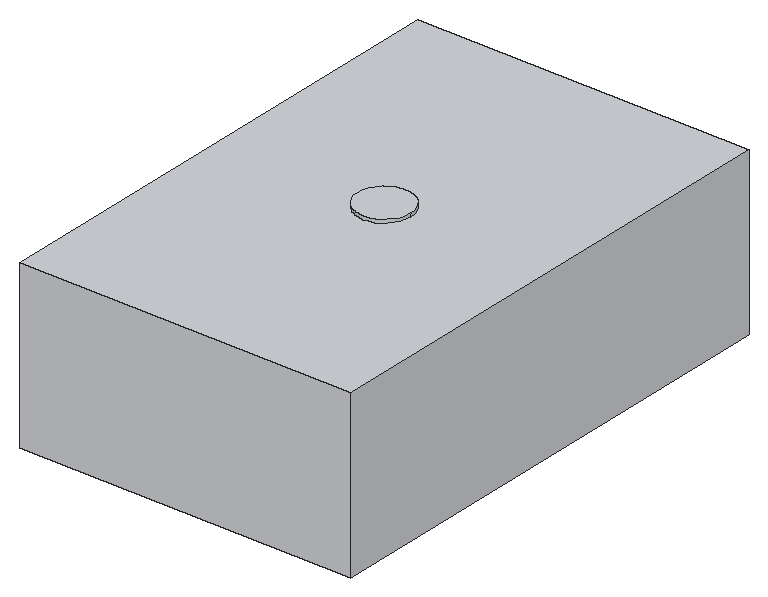
Revit family "Connector(both sides).ver2019", category Electrical Fixtures, Revit 2021
Family settings
  Maintain Annotation Orientation = No
  Round Connector Dimension = Use Diameter
  Part Type = Normal
  OmniClass Number = 23.80.00.00
  OmniClass Title = Electric Power and Lighting
  Work Plane-Based = No
  Always vertical = Yes
  Cut with Voids When Loaded = No
  Shared = No
  Room Calculation Point = No
Parameters
  コネクタ直径 [instance] = 16 mm
  W [instance] = 100 mm
  Default Elevation = 0 mm
  D [instance] = 150 mm
Reference planes
  plane 1 "中心(正面/背面)": y = 0
  plane 2: z = 0
  plane 3 "中心(左/右)": x = 0
  plane 4 "左": x = -50
  plane 5 "右": x = 50
  plane 6 "上": y = 75
  plane 7 "下": y = -75
  plane 8 "高さ": z = 50
Forms (mm)
  Extrusion 1, solid
    sketch origin (0, 0, 0) x (1, 0, 0) y (0, 1, 0)
      loop
        line (-50, 75) -> (-50, -75) -> (50, -75) -> (50, 75) -> (-50, 75)
    from 0 to 50
  Extrusion 2, solid
    sketch origin (0, 0, 50) x (-1, 0, 0) y (0, -1, 0)
      loop
        circle (0, 0) r 8
    from 0 to 1
  Extrusion 3, solid
    sketch origin (0, 0, 0) x (1, 0, 0) y (0, 1, 0)
      loop
        circle (0, 0) r 8
    from -1.215 to 0
Dimensions and locks
  equal spacing: plane 4 "左", plane 3 "中心(左/右)", plane 5 "右"
  "W": plane 4 "左" to plane 5 "右"
  equal spacing: plane 6 "上", plane 1 "中心(正面/背面)", plane 7 "下"
  "D": plane 6 "上" to plane 7 "下"
  "コネクタ直径": diameter of Extrusion 2 sketch curve
  "コネクタ直径": diameter of Extrusion 3 sketch curve
  aligned and locked: level to plane 2
  aligned and locked: Extrusion 1 sketch curve to plane 6 "上"
  aligned and locked: plane 4 "左" to Extrusion 1 sketch curve
  aligned and locked: plane 7 "下" to Extrusion 1 sketch curve
  aligned and locked: Extrusion 1 sketch curve to plane 5 "右"
  aligned and locked: level to Extrusion 3
Automatic sketch dimensions
  plane 1 "中心(正面/背面)" to Extrusion 2 sketch curve = 0 mm
  Extrusion 2 sketch curve to plane 3 "中心(左/右)" = 0 mm
  plane 1 "中心(正面/背面)" to Extrusion 3 sketch curve = 0 mm
  Extrusion 3 sketch curve to plane 3 "中心(左/右)" = 0 mm
Connectors
  cabletrayconduit at (0, 0, 51), diameter 16, driven by "コネクタ直径"
    settings: on Extrusion 2, index 3, connector width 300 mm, connector height 300 mm, connector angle 0.00°, system type 32, placement type 0, profile type 0, connector reference index -1, is primary connector yes, connector utility param no, connector description ""
  cabletrayconduit at (0, 0, -1.215), diameter 16, driven by "コネクタ直径"
    settings: on Extrusion 3, index 4, connector width 300 mm, connector height 300 mm, connector angle 0.00°, system type 32, placement type 0, profile type 0, connector reference index -1, is primary connector no, connector utility param no, connector description ""
